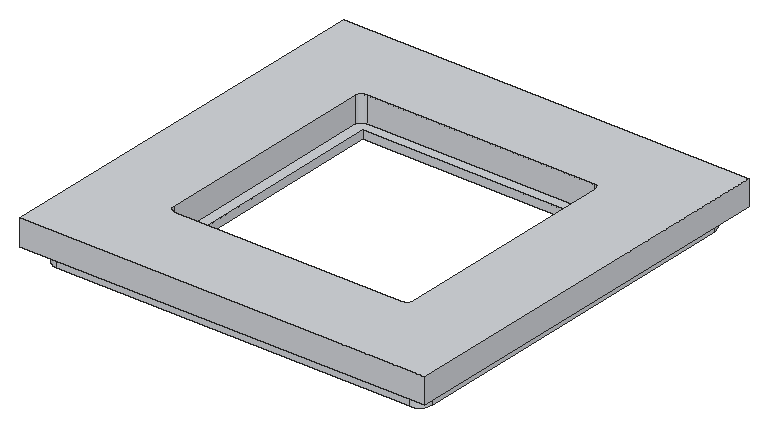
Revit family "Gira_0211221", category Electrical Fixtures, host Face, Revit 2017
Family settings
  Host = Face
  Maintain Annotation Orientation = No
  Round Connector Dimension = Use Diameter
  Part Type = Normal
  Cut with Voids When Loaded = No
  Shared = No
  Room Calculation Point = No
Parameters (values of type "Cov.fr. 1-g Gira Esprit Lin.pwd.lt.brown")
  With mounting grid = "No"
  With hinged lid = "No"
  URL = "http://katalog.gira.de/en/datenblatt.html?artikelnr=0211221"
  Type of fastening = "Clamp mounting"
  Transparent = "No"
  Surface protection = "Other"
  Suitable for wall duct = "No"
  Suitable for flush-mounted installation = "Yes"
  Suitable for floor box = "No"
  Suitable for built-in installation = "No"
  Number of units vertical = "1"
  Number of units horizontal = "1"
  Number of units = "1"
  Name = "Cov.fr. 1-g Gira Esprit Lin.pwd.lt.brown"
  Mounting direction = "Horizontal and vertical"
  Material quality = "Other"
  Material = "Other"
  Manufacturer URL = "https://www.gira.de/"
  Manufacturer = "Gira"
  Label space/information surface = "No"
  Keynote = ""
  HeinzeBIM = "https://bimportal.heinze.de/bim/cov-fr-1-g-gira-esprit-lin-pwd-lt-brown/2cc5803403233d9ad23c53b95d7137a77ecc88fc"
  Halogen free = "No"
  HAN = "0211221"
  GTIN = "4010337015994"
  Description = "Cov.fr.1g Espr. LPwLb,Gira Esprit cover frame,linoleum-plywood light brown,1-gang,Notes :,- Natural product. Colour deviations are possible.,- NCS value: approx. NCS S 6010-Y30R"
  Degree of protection (IP) = "IP20"
  Default Elevation = 1219.2 mm
  Data sheet (1) = "https://katalog.gira.de/en/download.html?artikelnr=0211221"
  Colour = "Other"
  Category = "Cover frame for domestic switching devices"
  BIM (1) = "https://media.stage.bim.site/public/gira/36a6b08/Espr._Rahmen_1fach.rfa"
  Available = "No"
Reference planes
  plane 1 "Center (Front/Back)": y = 0
  plane 2: z = 0
  plane 3 "Center (Left/Right)": x = 0
Forms (mm)
  Extrusion 1, solid, detail levels fine
    sketch origin (0, 0, 0) x (1, 0, 0) y (0, 1, 0)
      loop
        line (-47.5, 47.5) -> (-47.5, -47.5) -> (47.5, -47.5) -> (47.5, 47.5) -> (-47.5, 47.5)
      loop
        arc (-28.2, -26.7) -> (-27.761, -27.761) -> (-26.7, -28.2) r 1.5
        line (-26.7, -28.2) -> (26.7, -28.2)
        arc (26.7, -28.2) -> (27.761, -27.761) -> (28.2, -26.7) r 1.5
        line (28.2, -26.7) -> (28.2, 26.7)
        arc (28.2, 26.7) -> (27.761, 27.761) -> (26.7, 28.2) r 1.5
        line (26.7, 28.2) -> (-26.7, 28.2)
        arc (-26.7, 28.2) -> (-27.761, 27.761) -> (-28.2, 26.7) r 1.5
        line (-28.2, 26.7) -> (-28.2, -26.7)
    from 0 to 6
  Extrusion 2, solid, detail levels fine
    sketch origin (0, 0, 0) x (1, 0, 0) y (0, 1, 0)
      loop
        line (-25.7, -25.7) -> (25.7, -25.7) -> (25.7, 25.7) -> (-25.7, 25.7) -> (-25.7, -25.7)
      loop
        arc (-43.1, -41.3) -> (-42.573, -42.573) -> (-41.3, -43.1) r 1.8
        line (-41.3, -43.1) -> (41.3, -43.1)
        arc (41.3, -43.1) -> (42.573, -42.573) -> (43.1, -41.3) r 1.8
        line (43.1, -41.3) -> (43.1, 41.3)
        arc (43.1, 41.3) -> (42.573, 42.573) -> (41.3, 43.1) r 1.8
        line (41.3, 43.1) -> (-41.3, 43.1)
        arc (-41.3, 43.1) -> (-42.573, 42.573) -> (-43.1, 41.3) r 1.8
        line (-43.1, 41.3) -> (-43.1, -41.3)
    from -1.9 to 0
  Extrusion 3, solid, detail levels fine
    sketch origin (0, 0, 0) x (1, 0, 0) y (0, 1, 0)
      loop
        arc (-41.4, 44.4) -> (-43.521, 43.521) -> (-44.4, 41.4) r 3
        line (-44.4, 41.4) -> (-44.4, -41.4)
        arc (-44.4, -41.4) -> (-43.521, -43.521) -> (-41.4, -44.4) r 3
        line (-41.4, -44.4) -> (41.4, -44.4)
        arc (41.4, -44.4) -> (43.521, -43.521) -> (44.4, -41.4) r 3
        line (44.4, -41.4) -> (44.4, 41.4)
        arc (44.4, 41.4) -> (43.521, 43.521) -> (41.4, 44.4) r 3
        line (41.4, 44.4) -> (-41.4, 44.4)
      loop
        line (-43.1, 41.3) -> (-43.1, -41.3)
        arc (-43.1, -41.3) -> (-42.573, -42.573) -> (-41.3, -43.1) r 1.8
        line (-41.3, -43.1) -> (41.3, -43.1)
        arc (41.3, -43.1) -> (42.573, -42.573) -> (43.1, -41.3) r 1.8
        line (43.1, -41.3) -> (43.1, 41.3)
        arc (43.1, 41.3) -> (42.573, 42.573) -> (41.3, 43.1) r 1.8
        line (41.3, 43.1) -> (-41.3, 43.1)
        arc (-41.3, 43.1) -> (-42.573, 42.573) -> (-43.1, 41.3) r 1.8
    from -3.7 to 0
  Extrusion 4, solid, detail levels medium
    sketch origin (0, 0, 0) x (1, 0, 0) y (0, 1, 0)
      loop
        line (-47.5, 47.5) -> (-47.5, -47.5) -> (47.5, -47.5) -> (47.5, 47.5) -> (-47.5, 47.5)
    from 0 to 6
  Extrusion 5, solid, detail levels medium
    sketch origin (0, 0, 0) x (1, 0, 0) y (0, 1, 0)
      loop
        line (-44.4, 44.4) -> (-44.4, -44.4) -> (44.4, -44.4) -> (44.4, 44.4) -> (-44.4, 44.4)
    from -3.7 to 0
  Extrusion 6, solid, detail levels coarse
    sketch origin (0, 0, 0) x (1, 0, 0) y (0, 1, 0)
      loop
        line (-47.5, 47.5) -> (-47.5, -47.5) -> (47.5, -47.5) -> (47.5, 47.5) -> (-47.5, 47.5)
    from -3.7 to 6
Dimensions and locks
  aligned and locked: plane 2 to host face
  aligned and locked: level to host face
